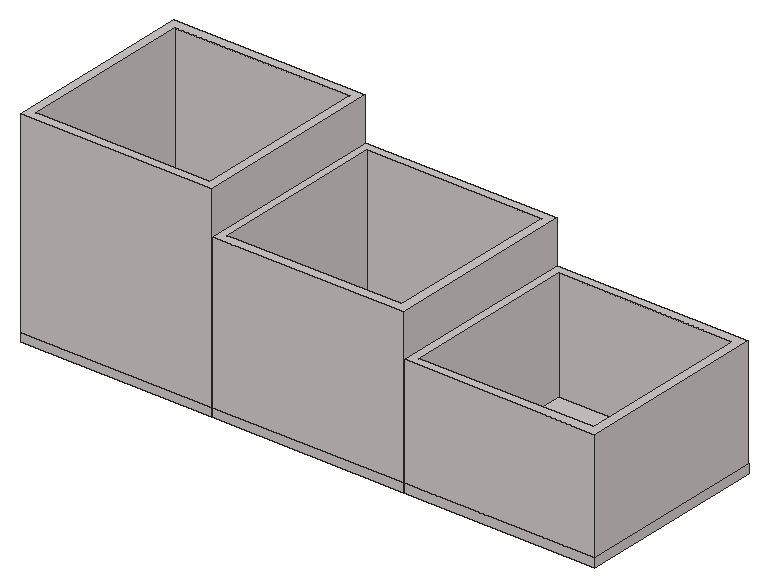
Revit family
Parameters (values of type "1350 x 450 mm")
  Width = 450 mm
  Material of Planter = Planter Material
  Length-C = 450 mm
  Length-B = 450 mm
  Length-A = 450 mm
  Height-C = 300 mm
  Height-B = 400 mm
  Height-A = 500 mm
Reference planes
  plane 1 "Center (Front/Back)": y = 0
  plane 2: z = 0
  plane 3 "Center (Left/Right)": x = 0
  plane 4: x = -225
  plane 5: x = -675
  plane 6: x = 225
  plane 7: x = 675
  plane 8: y = 225
  plane 9: y = -225
  plane 10: z = 500
  plane 11: z = 400
  plane 12: z = 300
Forms (mm)
  Extrusion 1, solid, material "Planter Material" <- "Material of Planter"
    sketch origin (0, 0, 0) x (1, 0, 0) y (0, 1, 0)
      loop
        line (-600, 150) -> (-600, -150) -> (-300, -150) -> (-300, 150) -> (-600, 150)
    from 0 to 20
  Extrusion 2, solid, material "Planter Material" <- "Material of Planter"
    sketch origin (0, 0, 0) x (1, 0, 0) y (0, 1, 0)
      loop
        line (-675, 225) -> (-675, -225) -> (-225, -225) -> (-225, 225) -> (-675, 225)
      loop
        line (-655, 205) -> (-655, -205) -> (-245, -205) -> (-245, 205) -> (-655, 205)
    from 40 to 500
  Extrusion 3, solid, material "Planter Material" <- "Material of Planter"
    sketch origin (0, 0, 0) x (1, 0, 0) y (0, 1, 0)
      loop
        line (-675, 225) -> (-675, -225) -> (-225, -225) -> (-225, 225) -> (-675, 225)
    from 20 to 40
  Extrusion 4, solid, material "Planter Material" <- "Material of Planter"
    sketch origin (0, 0, 0) x (1, 0, 0) y (0, 1, 0)
      loop
        line (-150, 150) -> (-150, -150) -> (150, -150) -> (150, 150) -> (-150, 150)
    from 0 to 20
  Extrusion 5, solid, material "Planter Material" <- "Material of Planter"
    sketch origin (0, 0, 0) x (1, 0, 0) y (0, 1, 0)
      loop
        line (-225, 225) -> (-225, -225) -> (225, -225) -> (225, 225) -> (-225, 225)
    from 20 to 40
  Extrusion 6, solid, material "Planter Material" <- "Material of Planter"
    sketch origin (0, 0, 0) x (1, 0, 0) y (0, 1, 0)
      loop
        line (-225, 225) -> (-225, -225) -> (225, -225) -> (225, 225) -> (-225, 225)
      loop
        line (-205, 205) -> (-205, -205) -> (205, -205) -> (205, 205) -> (-205, 205)
    from 40 to 400
  Extrusion 7, solid, material "Planter Material" <- "Material of Planter"
    sketch origin (0, 0, 0) x (1, 0, 0) y (0, 1, 0)
      loop
        line (300, 150) -> (300, -150) -> (600, -150) -> (600, 150) -> (300, 150)
    from 0 to 20
  Extrusion 8, solid, material "Planter Material" <- "Material of Planter"
    sketch origin (0, 0, 0) x (1, 0, 0) y (0, 1, 0)
      loop
        line (225, 225) -> (225, -225) -> (675, -225) -> (675, 225) -> (225, 225)
    from 20 to 40
  Extrusion 9, solid, material "Planter Material" <- "Material of Planter"
    sketch origin (0, 0, 0) x (1, 0, 0) y (0, 1, 0)
      loop
        line (225, 225) -> (225, -225) -> (675, -225) -> (675, 225) -> (225, 225)
      loop
        line (245, 205) -> (245, -205) -> (655, -205) -> (655, 205) -> (245, 205)
    from 40 to 300
Lines and regions (mm)
  symbolic lines
    curve 1: line (-675, 225, 0) -> (-225, 225, 0)
    curve 2: line (-675, -225, 0) -> (-675, 225, 0)
    curve 3: line (-225, -225, 0) -> (-675, -225, 0)
    curve 4: line (-225, 225, 0) -> (-225, -225, 0)
    curve 5: line (-655, 205, 0) -> (-245, 205, 0)
    curve 6: line (-655, -205, 0) -> (-655, 205, 0)
    curve 7: line (-245, -205, 0) -> (-655, -205, 0)
    curve 8: line (-245, 205, 0) -> (-245, -205, 0)
    curve 9: line (-205, 205, 0) -> (205, 205, 0)
    curve 10: line (-205, -205, 0) -> (-205, 205, 0)
    curve 11: line (205, -205, 0) -> (-205, -205, 0)
    curve 12: line (205, 205, 0) -> (205, -205, 0)
    curve 13: line (225, 225, 0) -> (675, 225, 0)
    curve 14: line (225, -225, 0) -> (225, 225, 0)
    curve 15: line (675, -225, 0) -> (225, -225, 0)
    curve 16: line (675, 225, 0) -> (675, -225, 0)
    curve 17: line (245, 205, 0) -> (655, 205, 0)
    curve 18: line (245, -205, 0) -> (245, 205, 0)
    curve 19: line (655, -205, 0) -> (245, -205, 0)
    curve 20: line (655, 205, 0) -> (655, -205, 0)
    curve 21: line (225, 225, 0) -> (-225, 225, 0)
    curve 22: line (-225, -225, 0) -> (225, -225, 0)
Dimensions and locks
  "Height-A": plane 10 to level
  "Height-B": plane 11 to level
  "Height-C": plane 12 to level
  "Length-A": plane 5 to plane 4
  "Length-C": plane 6 to plane 7
  "Length-B": plane 4 to plane 6
  equal spacing: plane 4, plane 3 "Center (Left/Right)", plane 6
  equal spacing: plane 9, plane 1 "Center (Front/Back)", plane 8
  "Width": plane 9 to plane 8
  plane 5 to plane 7 = 1350 mm
  aligned and locked: Extrusion 1 to level
  aligned and locked: plane 5 to Extrusion 2 sketch curve
  aligned and locked: plane 8 to Extrusion 2 sketch curve
  aligned and locked: plane 9 to Extrusion 2 sketch curve
  aligned and locked: Extrusion 2 sketch curve to plane 4
  aligned and locked: Extrusion 3 sketch curve to Extrusion 2  (x3)
  aligned and locked: Extrusion 2 to Extrusion 3 sketch curve
  aligned and locked: Extrusion 3 to Extrusion 1
  aligned and locked: Extrusion 2 to Extrusion 3
  aligned and locked: Extrusion 2 to plane 10
  aligned and locked: Extrusion 4 to level
  aligned and locked: Extrusion 2 to Extrusion 5 sketch curve
  aligned and locked: Extrusion 5 sketch curve to Extrusion 2
  aligned and locked: plane 9 to Extrusion 5 sketch curve
  aligned and locked: Extrusion 5 sketch curve to plane 6
  aligned and locked: Extrusion 3 to Extrusion 5
  aligned and locked: Extrusion 2 to Extrusion 6 sketch curve
  aligned and locked: Extrusion 6 sketch curve to Extrusion 2
  aligned and locked: Extrusion 5 to Extrusion 6 sketch curve
  aligned and locked: Extrusion 6 sketch curve to Extrusion 5
  aligned and locked: Extrusion 2 to Extrusion 6
  aligned and locked: Extrusion 6 to plane 11
  aligned and locked: Extrusion 5 to Extrusion 8 sketch curve
  aligned and locked: Extrusion 8 sketch curve to Extrusion 5
  aligned and locked: plane 9 to Extrusion 8 sketch curve
  aligned and locked: Extrusion 8 sketch curve to plane 7
  aligned and locked: Extrusion 4 to Extrusion 8
  aligned and locked: Extrusion 5 to Extrusion 9 sketch curve
  aligned and locked: Extrusion 9 sketch curve to Extrusion 8  (x2)
  aligned and locked: Extrusion 8 to Extrusion 9 sketch curve
  aligned and locked: Extrusion 9 to plane 12
  aligned and locked: Extrusion 2 to Extrusion 9
Automatic sketch dimensions
  plane 5 to Extrusion 1 sketch curve = 75 mm
  Extrusion 1 sketch curve to plane 4 = 75 mm
  Extrusion 1 sketch curve to plane 9 = 75 mm
  plane 8 to Extrusion 1 sketch curve = 75 mm
  plane 5 to Extrusion 2 sketch curve = 20 mm
  Extrusion 2 sketch curve to plane 4 = 20 mm
  Extrusion 2 sketch curve to plane 9 = 20 mm
  plane 8 to Extrusion 2 sketch curve = 20 mm
  plane 4 to Extrusion 4 sketch curve = 75 mm
  Extrusion 4 sketch curve to plane 6 = 75 mm
  Extrusion 4 sketch curve to plane 9 = 75 mm
  plane 8 to Extrusion 4 sketch curve = 75 mm
  plane 4 to Extrusion 6 sketch curve = 20 mm
  Extrusion 6 sketch curve to plane 6 = 20 mm
  Extrusion 6 sketch curve to plane 9 = 20 mm
  plane 8 to Extrusion 6 sketch curve = 20 mm
  plane 6 to Extrusion 7 sketch curve = 75 mm
  Extrusion 7 sketch curve to plane 7 = 75 mm
  Extrusion 7 sketch curve to plane 9 = 75 mm
  plane 8 to Extrusion 7 sketch curve = 75 mm
  plane 6 to Extrusion 9 sketch curve = 20 mm
  Extrusion 9 sketch curve to plane 7 = 20 mm
  Extrusion 9 sketch curve to plane 9 = 20 mm
  plane 8 to Extrusion 9 sketch curve = 20 mm
  curve 1 to plane 5 = 0 mm
  curve 22 to plane 4 = 0 mm
  curve 22 to plane 6 = 0 mm
  curve 13 to plane 7 = 0 mm
  curve 22 to plane 9 = 0 mm
  curve 13 to plane 8 = 0 mm
  plane 5 to curve 7 = 20 mm
  curve 7 to plane 4 = 20 mm
  plane 4 to curve 10 = 20 mm
  curve 12 to plane 6 = 20 mm
  plane 6 to curve 17 = 20 mm
  curve 19 to plane 7 = 20 mm
  curve 6 to plane 9 = 20 mm
  curve 20 to plane 9 = 20 mm
  curve 11 to plane 9 = 20 mm
  plane 8 to curve 5 = 20 mm
  plane 8 to curve 10 = 20 mm
  plane 8 to curve 18 = 20 mm
